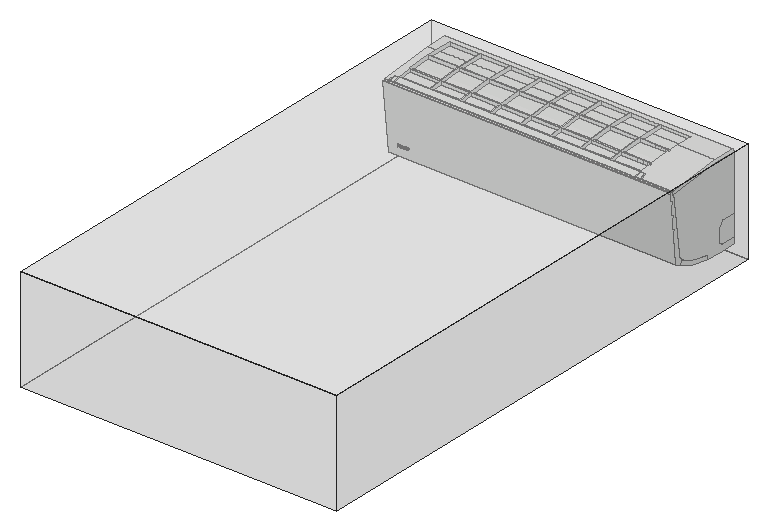
Revit family "outputfile", category 機械設備, Revit 2024
Family settings
  丸型コネクタ寸法 = 半径を使用
  パーツ タイプ = 標準
  OmniClass 番号 = 23.75.10.24.21.27.27
  OmniClass タイトル = Split System Air Conditioning Units
  作業面ベース = いいえ
  常に垂直 = はい
  ロード時にボイドで切り取り = いいえ
  注釈の向きを維持 = いいえ
  共有 = いいえ
  部屋計算ポイント = いいえ
Parameters (values of type "FTKF71CV1MW")
  Description = ""
  書き出し IFC クラス(タイプ) = "IfcUnitaryEquipmentType"
  定義済み IFC タイプ(タイプ) = "AIRCONDITIONINGUNIT"
  Cost = 0
  Type Comments = ""
  Keynote = ""
  Type Image = (empty or 0)
  Assembly Code = ""
  switch_frequency = yes
  lw_connection [instance] = if(Width = 730.0 mm, 85.0 mm, if(Width = 770.0 mm, 48.0 mm, 60.0 mm))  # 60.0 mm
  製造元 = "Daikin"
  モデル = "FTKF71CV1MW"
  r_Liquid Pipe Size = Liquid Pipe Size / 2  # 3.2 mm
  r_Gas Pipe Size = Gas Pipe Size / 2  # 6.35 mm
  r_Drain Pipe Size = Drain Pipe Size / 2  # 9.55 mm
  lw_powersupply [instance] = if(Width = 730.0 mm, if(or(Rear Right Connection_refrigerant, Bottom Right Connection_refrigerant), 65.0 mm, if(or(Rear Left Connection_refrigerant, Bottom Left Connection_refrigerant), 695.0 mm, 400.0 mm)), if(Width = 770.0 mm, if(or(Rear Right Connection_refrigerant, Bottom Right Connection_refrigerant), 68.0 mm, if(or(Rear Left Connection_refrigerant, Bottom Left Connection_refrigerant), 705.0 mm, 400.0 mm)), if(or(Rear Right Connection_refrigerant, Bottom Right Connection_refrigerant), 83.0 mm, if(or(Rear Left Connection_refrigerant, Bottom Left Connection_refrigerant), 928.0 mm, 400.0 mm))))  # 400.0 mm
  lw_liquidpipe [instance] = if(Width = 730.0 mm, if(or(Rear Right Connection_refrigerant, Bottom Right Connection_refrigerant), 0.0 mm, if(or(Rear Left Connection_refrigerant, Bottom Left Connection_refrigerant), 582.0 mm, 473.0 mm)), if(Width = 770.0 mm, if(or(Rear Right Connection_refrigerant, Bottom Right Connection_refrigerant), 0.0 mm, if(or(Rear Left Connection_refrigerant, Bottom Left Connection_refrigerant), 682.0 mm, 385.0 mm)), if(or(Rear Right Connection_refrigerant, Bottom Right Connection_refrigerant), 10.0 mm, if(or(Rear Left Connection_refrigerant, Bottom Left Connection_refrigerant), 858.0 mm, 435.0 mm))))  # 435.0 mm
  lw_gaspipe [instance] = if(Width = 730.0 mm, if(or(Rear Right Connection_refrigerant, Bottom Right Connection_refrigerant), 0.0 mm, if(or(Rear Left Connection_refrigerant, Bottom Left Connection_refrigerant), 576.0 mm, 428.0 mm)), if(Width = 770.0 mm, if(or(Rear Right Connection_refrigerant, Bottom Right Connection_refrigerant), 0.0 mm, if(or(Rear Left Connection_refrigerant, Bottom Left Connection_refrigerant), 675.0 mm, 335.0 mm)), if(or(Rear Right Connection_refrigerant, Bottom Right Connection_refrigerant), 0.0 mm, if(or(Rear Left Connection_refrigerant, Bottom Left Connection_refrigerant), 851.0 mm, 400.0 mm))))  # 400.0 mm
  lw_drainpipe [instance] = if(Width = 730.0 mm, if(or(Rear Right Connection_refrigerant, Bottom Right Connection_refrigerant), 0.0 mm, if(or(Rear Left Connection_refrigerant, Bottom Left Connection_refrigerant), 590.0 mm, 488.0 mm)), if(Width = 770.0 mm, if(or(Rear Right Connection_refrigerant, Bottom Right Connection_refrigerant), 0.0 mm, if(or(Rear Left Connection_refrigerant, Bottom Left Connection_refrigerant), 695.0 mm, 440.0 mm)), if(or(Rear Right Connection_refrigerant, Bottom Right Connection_refrigerant), 0.0 mm, if(or(Rear Left Connection_refrigerant, Bottom Left Connection_refrigerant), 888.0 mm, 475.0 mm))))  # 475.0 mm
  l_powersupply_length [instance] = if(Width = 730.0 mm, if(Right Connection_refrigerant, 400.0 mm, if(Left Connection_refrigerant, 330.0 mm, if(or(Bottom Left Connection_refrigerant, Bottom Right Connection_refrigerant), 57.0 mm, if(or(Rear Left Connection_refrigerant, Rear Right Connection_refrigerant), 15.0 mm, 50.0 mm)))), if(Width = 770.0 mm, if(Right Connection_refrigerant, 400.0 mm, if(Left Connection_refrigerant, 370.0 mm, if(or(Bottom Left Connection_refrigerant, Bottom Right Connection_refrigerant), 57.0 mm, if(or(Rear Left Connection_refrigerant, Rear Right Connection_refrigerant), 15.0 mm, 50.0 mm)))), if(Right Connection_refrigerant, 400.0 mm, if(Left Connection_refrigerant, 590.0 mm, if(or(Bottom Left Connection_refrigerant, Bottom Right Connection_refrigerant), 57.0 mm, if(or(Rear Left Connection_refrigerant, Rear Right Connection_refrigerant), 15.0 mm, 50.0 mm))))))  # 400.0 mm
  l_liquidpipe_length [instance] = if(Width = 730.0 mm, if(Right Connection_refrigerant, 558.0 mm, if(Left Connection_refrigerant, 172.0 mm, if(or(Bottom Left Connection_refrigerant, Bottom Right Connection_refrigerant), 48.0 mm, if(or(Rear Left Connection_refrigerant, Rear Right Connection_refrigerant), 30.0 mm, 40.0 mm)))), if(Width = 770.0 mm, if(Right Connection_refrigerant, 433.0 mm, if(Left Connection_refrigerant, 337.0 mm, if(or(Bottom Left Connection_refrigerant, Bottom Right Connection_refrigerant), 48.0 mm, if(or(Rear Left Connection_refrigerant, Rear Right Connection_refrigerant), 30.0 mm, 40.0 mm)))), if(Right Connection_refrigerant, 495.0 mm, if(Left Connection_refrigerant, 495.0 mm, if(or(Bottom Left Connection_refrigerant, Bottom Right Connection_refrigerant), 48.0 mm, if(or(Rear Left Connection_refrigerant, Rear Right Connection_refrigerant), 30.0 mm, 40.0 mm))))))  # 495.0 mm
  l_gaspipe_length [instance] = if(Width = 730.0 mm, if(Right Connection_refrigerant, 513.0 mm, if(Left Connection_refrigerant, 217.0 mm, if(or(Bottom Left Connection_refrigerant, Bottom Right Connection_refrigerant), 57.0 mm, if(or(Rear Left Connection_refrigerant, Rear Right Connection_refrigerant), 40.0 mm, 50.0 mm)))), if(Width = 770.0 mm, if(Right Connection_refrigerant, 383.0 mm, if(Left Connection_refrigerant, 387.0 mm, if(or(Bottom Left Connection_refrigerant, Bottom Right Connection_refrigerant), 57.0 mm, if(or(Rear Left Connection_refrigerant, Rear Right Connection_refrigerant), 40.0 mm, 50.0 mm)))), if(Right Connection_refrigerant, 460.0 mm, if(Left Connection_refrigerant, 530.0 mm, if(or(Bottom Left Connection_refrigerant, Bottom Right Connection_refrigerant), 57.0 mm, if(or(Rear Left Connection_refrigerant, Rear Right Connection_refrigerant), 40.0 mm, 50.0 mm))))))  # 460.0 mm
  l_drainpipe_length [instance] = if(Width = 730.0 mm, if(Right Connection_refrigerant, 573.0 mm, if(Left Connection_refrigerant, 157.0 mm, if(or(Bottom Left Connection_refrigerant, Bottom Right Connection_refrigerant), 35.0 mm, if(or(Rear Left Connection_refrigerant, Rear Right Connection_refrigerant), 15.0 mm, 20.0 mm)))), if(Width = 770.0 mm, if(Right Connection_refrigerant, 488.0 mm, if(Left Connection_refrigerant, 282.0 mm, if(or(Bottom Left Connection_refrigerant, Bottom Right Connection_refrigerant), 35.0 mm, if(or(Rear Left Connection_refrigerant, Rear Right Connection_refrigerant), 15.0 mm, 20.0 mm)))), if(Right Connection_refrigerant, 535.0 mm, if(Left Connection_refrigerant, 455.0 mm, if(or(Bottom Left Connection_refrigerant, Bottom Right Connection_refrigerant), 35.0 mm, if(or(Rear Left Connection_refrigerant, Rear Right Connection_refrigerant), 15.0 mm, 20.0 mm))))))  # 535.0 mm
  h*** = 0.0 mm  # constant formula
  connector_voltage = Voltage_50Hz  # 230 V
  connector_powerinput = [Power Input (Cooling)]  # 1.965 kW
  connector_phase = Phase_50Hz  # 1
  angle_vertical [instance] = if(or(Bottom Left Connection_refrigerant, Bottom Right Connection_refrigerant), 0.00°, 90.00°)  # 90.00°
  angle_horizontal [instance] = if(Right Connection_refrigerant, 90.00°, if(Left Connection_refrigerant, -90.00°, if(or(Rear Left Connection_refrigerant, Rear Right Connection_refrigerant), 180.00°, 0.00°)))  # 90.00°
  Width = 990.0 mm
  Voltage_comment_50Hz = "220 - 240"
  Voltage_50Hz = 230 V
  Version = "ver.1.0"
  Unit Type = "Wall Mounted"
  Unit Mass Weight = 13.00 kg
  Unit Designation [instance] = ""
  Uniclass2015Version = "Products v1.30"
  Uniclass2015Title = "Split coil room air conditioning units"
  Uniclass2015Code = "Pr_70_65_03_86"
  URL = ""
  Total Cooling Capacity [instance] = 0.000 kW
  Sound Pressure Level_M speed (dBA) = 41
  Sound Pressure Level_L speed (dBA) = 36
  Sound Pressure Level_H speed (dBA) = 43
  Sound Power Level_H speed (dB) = 0
  Series = "Single Split_Fan Coil Unit"
  Sensible Cooling Capacity [instance] = 0.000 kW
  Refrigerant Type = "R32"
  Power Input (Cooling) = 1.965 kW
  Phase_50Hz = 1
  Option Accessory 3 [instance] = ""
  Option Accessory 2 [instance] = ""
  Option Accessory 1 [instance] = ""
  Nominal Cooling Capacity = 7.030 kW
  Minimum Circuit Amps_50Hz = 11.1 A
  Minimum Airflow = 816.00 m³/h
  Median Airflow = 951.00 m³/h
  Maximum Fuse Amps_50Hz = 20.0 A
  Maximum Airflow = 1087.00 m³/h
  Material_Casing = DAIKIN_White_Casing_indoorunit
  Load Classification = HVAC
  Liquid Pipe Size = 6.4 mm
  Link_Nested Family [instance] = ""
  IfcVersion = ""
  IfcExportType = "AIRCONDITIONINGUNIT"
  IfcExportAs = "IfcUnitaryEquipmentType"
  Height = 297.0 mm
  Heat Exchanger Type = "Cross Fin Coil"
  Gas Pipe Size = 12.7 mm
  Frequency_50Hz = 50 Hz
  Fan Type = "Cross Flow Fan"
  Fan Drive = "-"
  FCU Tag No. [instance] = ""
  Drain Pipe Size = 19.1 mm
  Design Supply Airflow [instance] = 0.00 m³/h
  Depth = 273.0 mm
  既定の高さ = 0.0 mm
  Cooling Entering Wet Bulb Temperature [instance] = 0.00 °C
  Cooling Entering Dry Bulb Temperature [instance] = 0.00 °C
  Cooling Ambient Wet Bulb Temperature [instance] = 0.00 °C
  Cooling Ambient Dry Bulb Temperature [instance] = 0.00 °C
  Clearance visibility [instance] = yes
  Clearance Top = 30.0 mm
  Clearance Right = 50.0 mm
  Clearance Rear = 0.0 mm
  Clearance Left = 50.0 mm
  Clearance Front = 1500.0 mm
  Clearance Bottom = 30.0 mm
  Bottom Right Connection_refrigerant [instance] = no
  Bottom Left Connection_refrigerant [instance] = no
  Rear Right Connection_refrigerant [instance] = no
  Rear Left Connection_refrigerant [instance] = no
  Right Connection_refrigerant [instance] = yes
  Left Connection_refrigerant [instance] = no
Reference planes
  plane 1 "Back": y = 0
  plane 2: z = 0
  plane 3 "Center (Left/Right)": x = 0
  plane 4 "Center (Front/Back)": y = -136.5
  plane 5 "Front": y = -273
  plane 6 "Left": x = -495
  plane 7 "Right": x = 495
  plane 8 "Top": z = 0
  plane 9 "Bottom": z = -297
  plane 10 "Front panel_Left": x = -493
  plane 11 "Front panel_Right": x = 493
  plane 12: x = 359
  plane 13: x = 354
  plane 14: x = -545
  plane 15: x = 545
  plane 16: y = 0
  plane 17: y = -213
  plane 18: z = 30
  plane 19: z = -327
  plane 20 "lw_Piping and Wiring intake": x = 435
  plane 21 "lw_gaspipe": x = 35
  plane 22 "lw_liquidpipe": x = 0
  plane 23 "lw_drainpipe": x = -40
  plane 24 "lh_drainpipe": z = -262
  plane 25 "lh_liquidpipe": z = -249
  plane 26 "lh_gaspipe": z = -240
  plane 27 "ld_drainpipe": y = -15
  plane 28 "ld_liquidpipe": y = -30
  plane 29 "ld_gaspipe": y = -40
  plane 30 "lw_powersupply": x = 95
  plane 31: y = -1773
Dimensions and locks
  equal spacing: plane 6 "Left", plane 3 "Center (Left/Right)", plane 7 "Right"
  "Width": plane 6 "Left" to plane 7 "Right"
  equal spacing: plane 5 "Front", plane 4 "Center (Front/Back)", plane 1 "Back"
  "Depth": plane 5 "Front" to plane 1 "Back"
  "Height": plane 8 "Top" to plane 9 "Bottom"
  locked: plane 10 "Front panel_Left" to plane 6 "Left" at 2
  locked: plane 7 "Right" to plane 11 "Front panel_Right" at 2
  locked: plane 7 "Right" to plane 12 at 136
  locked: plane 12 to plane 13 at 5
  "Clearance Rear": plane 16 to plane 1 "Back"
  "Clearance Top": plane 18 to plane 8 "Top"
  "Clearance Bottom": plane 9 "Bottom" to plane 19
  "lw_connection": plane 20 "lw_Piping and Wiring intake" to plane 7 "Right"
  "lw_gaspipe": plane 21 "lw_gaspipe" to plane 20 "lw_Piping and Wiring intake"
  "lw_liquidpipe": plane 22 "lw_liquidpipe" to plane 20 "lw_Piping and Wiring intake"
  "lw_drainpipe": plane 23 "lw_drainpipe" to plane 20 "lw_Piping and Wiring intake"
  locked: plane 24 "lh_drainpipe" to plane 9 "Bottom" at 35
  locked: plane 25 "lh_liquidpipe" to plane 9 "Bottom" at 48
  locked: plane 26 "lh_gaspipe" to plane 9 "Bottom" at 57
  locked: plane 27 "ld_drainpipe" to plane 1 "Back" at 15
  locked: plane 1 "Back" to plane 28 "ld_liquidpipe" at 30
  locked: plane 1 "Back" to plane 29 "ld_gaspipe" at 40
  "lw_powersupply": plane 30 "lw_powersupply" to plane 7 "Right"
  "Clearance Left": plane 14 to plane 6 "Left"
  "Clearance Right": plane 7 "Right" to plane 15
  "Clearance Front": plane 5 "Front" to plane 31
  aligned and locked: level to plane 2
  aligned and locked: plane 16 to nested 1
  aligned and locked: nested 1 to plane 14
  aligned and locked: nested 1 to plane 15
  aligned and locked: plane 19 to nested 1
  aligned and locked: plane 18 to nested 1
  aligned and locked: plane 21 "lw_gaspipe" to nested 2
  aligned and locked: nested 2 to plane 29 "ld_gaspipe"
  aligned and locked: plane 22 "lw_liquidpipe" to nested 3
  aligned and locked: nested 3 to plane 28 "ld_liquidpipe"
  aligned and locked: plane 23 "lw_drainpipe" to nested 4
  aligned and locked: nested 4 to plane 27 "ld_drainpipe"
  aligned and locked: nested 5 to plane 27 "ld_drainpipe"
  aligned and locked: plane 30 "lw_powersupply" to nested 5
  aligned and locked: level to plane 8 "Top"
  aligned and locked: nested 1 to plane 31
Nested families
  nested 1: "daikin_clearancespace" at (0, -886.5, -148.381), show <- "Clearance visibility", visible <- "Clearance visibility", Link_Nested Family <- "Link_Nested Family", type "daikin_clearancespace"
    with width 1090.0 mm, show yes, height 357.0 mm, depth 1773.0 mm, Link_Nested Family ""
  nested 2: "daikin_connector_rotate3" at (35, -40, -240), angle_vertical <- "angle_vertical", angle_horizontal <- "angle_horizontal", length <- "l_gaspipe_length", radius <- "r_Gas Pipe Size", type "daikin_connector_rotate3"
    with show no, radius 6.35 mm, length 460.0 mm, angle_vertical 90.00°, angle_horizontal 90.00°
  nested 3: "daikin_connector_rotate3" at (0, -30, -249), angle_vertical <- "angle_vertical", angle_horizontal <- "angle_horizontal", radius <- "r_Liquid Pipe Size", length <- "l_liquidpipe_length", type "daikin_connector_rotate3"
    with show no, radius 3.2 mm, length 495.0 mm, angle_vertical 90.00°, angle_horizontal 90.00°
  nested 4: "daikin_connector_rotate3" at (-40, -15, -262), angle_vertical <- "angle_vertical", angle_horizontal <- "angle_horizontal", length <- "l_drainpipe_length", radius <- "r_Drain Pipe Size", type "daikin_connector_rotate3"
    with show no, radius 9.55 mm, length 535.0 mm, angle_vertical 90.00°, angle_horizontal 90.00°
  nested 5: "daikin_connector_rotate3" at (95, -15, -240), angle_vertical <- "angle_vertical", angle_horizontal <- "angle_horizontal", length <- "l_powersupply_length", type "daikin_connector_rotate3"
    with show no, radius 10.0 mm, length 400.0 mm, angle_vertical 90.00°, angle_horizontal 90.00°
  nested 6: "DAIKIN_indoorunit_FTKF-CV1MW" at (-31, 0, 0), type "FTKF--CV1MW"
    with switch_unit1_60 yes, switch_unit1_25 no, Width 990.0 mm, WALL HOLE-R 48.0 mm, Height 297.0 mm
Connectors
  piping at (495, -40, -240), diameter 12.7, driven by "r_Gas Pipe Size"
    settings: on nested 2, index 1, connector inside diameter 609.6 mm, connector length 0.0 mm, flow factor 0, pipe flow 0.00 m³/h, pressure drop 0.0 Pa, fitting loss kfactor 0, connector angle 0.00°, fixture units 0, engagement length 0.0 mm, angle of deflection 0.00°, flow configuration 1, flow direction 2, fitting loss method 0, system type 29, joint type 0, gender type 0, connector reference index -1, connector utility 0, adjustable connector no, is connector primary yes, connector description "Refrigerant Gas Piping"
  piping at (495, -30, -249), diameter 6.4, driven by "r_Liquid Pipe Size"
    settings: on nested 3, index 2, connector inside diameter 609.6 mm, connector length 0.0 mm, flow factor 0, pipe flow 0.00 m³/h, pressure drop 0.0 Pa, fitting loss kfactor 0, connector angle 0.00°, fixture units 0, engagement length 0.0 mm, angle of deflection 0.00°, flow configuration 1, flow direction 1, fitting loss method 0, system type 29, joint type 0, gender type 0, connector reference index -1, connector utility 0, adjustable connector no, is connector primary no, connector description "Refrigerant Liquid Piping"
  piping at (495, -15, -262), diameter 19.1, driven by "r_Drain Pipe Size"
    settings: on nested 4, index 3, connector inside diameter 609.6 mm, connector length 0.0 mm, flow factor 0, pipe flow 0.00 m³/h, pressure drop 0.0 Pa, fitting loss kfactor 0, connector angle 0.00°, fixture units 0, engagement length 0.0 mm, angle of deflection 0.00°, flow configuration 1, flow direction 2, fitting loss method 4, system type 16, joint type 0, gender type 0, connector reference index -1, connector utility 0, adjustable connector no, is connector primary no, connector description "Condensate Drain Piping"
  electrical at (495, -15, -240), driven by "Load Classification", driven by "connector_powerinput", driven by "connector_phase", driven by "connector_voltage"
    settings: on nested 5, index 4, voltage 230 V, apparent load 1965 VA, apparent load phase1 0 VA, apparent load phase2 0 VA, apparent load phase3 0 VA, power factor 1, load classification "HVAC", number of poles 1, system type 30, power factor state 1, is connector primary yes, connector utility no, sub classification motor no, connector description "Power Supply"
Definition of nested family "daikin_clearancespace"
  Parameters (values of type "daikin_clearancespace")
    Description = "daikin_clearancespace"
    width [instance] = 1823.963 mm
    show [instance] = yes
    material = none
    height [instance] = 1359.762 mm
    depth [instance] = 880.0 mm
    Default Elevation = 0.0 mm
    Link_Nested Family [instance] = ""
  Reference planes
    plane 1 "Center (Front/Back)": y = 0
    plane 2 "Center (Elevation)": z = -0.119
    plane 3 "Center (Left/Right)": x = 0
    plane 4: y = 440
    plane 5: y = -440
    plane 6 "Right": x = 911.982
    plane 7 "Left": x = -911.982
    plane 8 "Top": z = 679.762
    plane 9 "Bottom": z = -680
  Forms (mm)
    Extrusion 1, solid, material <- "material", visible <- "show"
      sketch origin (0, 0, 0) x (1, 0, 0) y (0, 1, 0)
        loop
          line (-911.982, 440) -> (-911.982, -440) -> (911.982, -440) -> (911.982, 440) -> (-911.982, 440)
      from -680 to 679.762
  Lines and regions (mm)
    symbolic lines, visible <- "show"
      curve 1: line (911.982, 440, 0) -> (-911.982, 440, 0)
      curve 2: line (-911.982, 440, 0) -> (-911.982, -440, 0)
      curve 3: line (-911.982, -440, 0) -> (911.982, -440, 0)
      curve 4: line (911.982, -440, 0) -> (911.982, 440, 0)
      curve 5: line (911.982, 0, 679.762) -> (-911.982, 0, 679.762)
      curve 6: line (911.982, 0, -680) -> (911.982, 0, 679.762)
      curve 7: line (-911.982, 0, -680) -> (911.982, 0, -680)
      curve 8: line (-911.982, 0, 679.762) -> (-911.982, 0, -680)
      curve 9: line (0, 440, 679.762) -> (0, -440, 679.762)
      curve 10: line (0, -440, 679.762) -> (0, -440, -680)
      curve 11: line (0, 440, -680) -> (0, 440, 679.762)
      curve 12: line (0, -440, -680) -> (0, 440, -680)
  Dimensions and locks
    "width": plane 7 "Left" to plane 6 "Right"
    "depth": plane 4 to plane 5
    "height": plane 8 "Top" to plane 9 "Bottom"
    equal spacing: plane 7 "Left", plane 3 "Center (Left/Right)", plane 6 "Right"
    equal spacing: plane 4, plane 1 "Center (Front/Back)", plane 5
    equal spacing: plane 8 "Top", plane 2 "Center (Elevation)", plane 9 "Bottom"
    aligned and locked: level to plane 2 "Center (Elevation)"
    aligned and locked: Extrusion 1 sketch curve to plane 4
    aligned and locked: plane 7 "Left" to Extrusion 1 sketch curve
    aligned and locked: Extrusion 1 sketch curve to plane 5
    aligned and locked: Extrusion 1 sketch curve to plane 6 "Right"
    aligned and locked: plane 8 "Top" to Extrusion 1
    aligned and locked: curve 1 to Extrusion 1
    aligned and locked: curve 2 to Extrusion 1
    aligned and locked: curve 3 to Extrusion 1
    aligned and locked: curve 4 to Extrusion 1
    aligned and locked: curve 5 to Extrusion 1
    aligned and locked: curve 6 to Extrusion 1
    aligned and locked: curve 7 to Extrusion 1
    aligned and locked: curve 8 to Extrusion 1
    aligned and locked: curve 9 to Extrusion 1
    aligned and locked: curve 10 to Extrusion 1
    aligned and locked: curve 11 to Extrusion 1
    aligned and locked: curve 12 to Extrusion 1
    aligned and locked: Extrusion 1 to plane 9 "Bottom"
Definition of nested family "DAIKIN_indoorunit_FTKF-CV1MW"
  Parameters (values of type "FTKF-AV14")
    switch_unit1_60 = Width = 990.0 mm  # no
    switch_unit1_35-50 = Width = 770.0 mm  # no
    switch_unit1_25 = Width = 730.0 mm  # yes
    Width = 730.0 mm
    WALL HOLE-R = if(Width = 730.0 mm, 79.0 mm, 48.0 mm)  # 79.0 mm
    Material_Casing = none
    Height = if(Width = 730.0 mm, 280.0 mm, if(Width = 770.0 mm, 288.0 mm, 297.0 mm))  # 280.0 mm
    Default Elevation = 0.0 mm
  Reference planes
    plane 1 "Center (Front/Back)": y = 0
    plane 2 "reference_level": z = 0
    plane 3 "Center (Left/Right)": x = 31
    plane 4: x = -334
    plane 5: x = 396
    plane 6: z = -280
  Forms (mm)
    Extrusion 1, solid, material <- "Material_Casing", visible <- "switch_unit1_25"
      sketch origin (31, 0, 0) x (0, 1, 0) y (0, 0, 1)
        loop
          line (-109.519, -8) -> (-2.596, -8) -> (-8.198, 0) -> (-109.608, 0)
          arc (-109.608, 0) -> (-157.226, -5.2) -> (-202.599, -20.555) r 220.623
          line (-202.599, -20.555) -> (-202.447, -29.25)
          arc (-202.447, -29.25) -> (-157.182, -13.38) -> (-109.519, -8) r 213.82
      from -365 to 365
    Extrusion 2, solid, material <- "Material_Casing", visible <- "switch_unit1_25"
      sketch origin (416, 1304.033, 1200.206) x (0, 1, 0) y (0, 0, 1)
        loop
          arc (-1496.513, -1423.164) -> (-1487.225, -1434.204) -> (-1476.373, -1443.711) r 95
          arc (-1476.373, -1443.711) -> (-1448.371, -1461.92) -> (-1418.191, -1476.232) r 250
          line (-1418.191, -1476.232) -> (-1418.191, -1465.318)
          arc (-1418.191, -1465.318) -> (-1445.052, -1452.134) -> (-1470.063, -1435.711) r 240
          arc (-1470.063, -1435.711) -> (-1477.766, -1429.186) -> (-1484.641, -1421.794) r 85
          line (-1484.641, -1421.794) -> (-1496.513, -1423.164)
      from -20 to -177
    Extrusion 3, solid, material <- "Material_Casing", visible <- "switch_unit1_25"
      sketch origin (31, 0, 0) x (0, 1, 0) y (0, 0, 1)
        loop
          line (-202.769, -10.816) -> (-211.618, -13.692)
          arc (-211.618, -13.692) -> (-212.628, -14.432) -> (-213, -15.629) r 2
          line (-213, -15.629) -> (-210.348, -167.5)
          arc (-210.348, -167.5) -> (-206.029, -195.818) -> (-193.465, -221.562) r 95
          line (-193.465, -221.562) -> (-181.653, -220.199)
          arc (-181.653, -220.199) -> (-195.31, -195.356) -> (-200.037, -167.403) r 85
          line (-200.037, -167.403) -> (-202.769, -10.816)
      from -365 to 365
    Extrusion 4, solid, material <- "Material_Casing", visible <- "switch_unit1_25"
      sketch origin (31, 0, 0) x (0, 1, 0) y (0, 0, 1)
        loop
          line (0, -280) -> (0, -11.707) -> (-2.596, -8) -> (-109.519, -8)
          arc (-109.519, -8) -> (-156.378, -13.198) -> (-200.959, -28.539) r 213.82
          line (-200.959, -28.539) -> (-198.537, -167.295)
          arc (-198.537, -167.295) -> (-189.766, -204.754) -> (-165.131, -234.305) r 83.5
          arc (-165.131, -234.305) -> (-139.841, -250.873) -> (-112.659, -264.109) r 238.5
          line (-112.659, -264.109) -> (-112.659, -276.338)
          arc (-112.659, -276.338) -> (-100.834, -279.079) -> (-88.731, -280) r 80
          line (-88.731, -280) -> (0, -280)
      from -365 to 365
    Extrusion 5, solid, material <- "Material_Casing", visible <- "switch_unit1_25"
      sketch origin (-354, 1304.033, 1200.206) x (0, 1, 0) y (0, 0, 1)
        loop
          arc (-1496.513, -1423.164) -> (-1487.225, -1434.204) -> (-1476.373, -1443.711) r 95
          arc (-1476.373, -1443.711) -> (-1448.371, -1461.92) -> (-1418.191, -1476.232) r 250
          line (-1418.191, -1476.232) -> (-1418.191, -1465.318)
          arc (-1418.191, -1465.318) -> (-1445.052, -1452.134) -> (-1470.063, -1435.711) r 240
          arc (-1470.063, -1435.711) -> (-1477.766, -1429.186) -> (-1484.641, -1421.794) r 85
          line (-1484.641, -1421.794) -> (-1496.513, -1423.164)
      from 72 to 20
    Extrusion 6, solid, material <- "Material_Casing", visible <- "switch_unit1_25"
      sketch origin (31, 7.782, 0.206) x (0, 1, 0) y (0, 0, 1)
        loop
          line (-188.39, -221.794) -> (-200.262, -223.164)
          arc (-200.262, -223.164) -> (-190.975, -234.204) -> (-180.122, -243.711) r 95
          arc (-180.122, -243.711) -> (-152.12, -261.92) -> (-121.941, -276.232) r 250
          line (-121.941, -276.232) -> (-121.941, -265.318)
          arc (-121.941, -265.318) -> (-148.801, -252.134) -> (-173.813, -235.711) r 240
          arc (-173.813, -235.711) -> (-181.515, -229.186) -> (-188.39, -221.794) r 85
      from 204 to -309
    Extrusion 7, void
      sketch origin (31, 0, -235) x (1, 0, 0) y (0, 1, 0)
        loop
          line (-324.633, -72.419) -> (-304, -73.5) -> (-234.9, -73.5) -> (-234.9, -24.5) -> (-324.633, -24.5) -> (-324.633, -72.419)
        loop
          line (-304, -74.9) -> (-324.633, -75.939) -> (-324.633, -139.819) -> (-304, -140.9) -> (-234.9, -140.9) -> (-234.9, -74.9) -> (-304, -74.9)
        loop
          line (-304, -142.3) -> (-324.633, -143.326) -> (-324.633, -182.209) -> (-300, -183.5) -> (-234.9, -183.5) -> (-234.9, -142.3) -> (-304, -142.3)
        loop
          line (-233.5, -142.3) -> (-233.5, -183.5) -> (-146.9, -183.5) -> (-146.9, -142.3) -> (-233.5, -142.3)
        loop
          line (-233.5, -140.9) -> (-146.9, -140.9) -> (-146.9, -74.9) -> (-233.5, -74.9) -> (-233.5, -140.9)
        loop
          line (-233.5, -73.5) -> (-146.9, -73.5) -> (-146.9, -24.5) -> (-233.5, -24.5) -> (-233.5, -73.5)
        loop
          line (-145.5, -73.5) -> (-74.9, -73.5) -> (-54.9, -72.452) -> (-54.9, -24.5) -> (-145.5, -24.5) -> (-145.5, -73.5)
        loop
          line (-145.5, -74.9) -> (-145.5, -140.9) -> (-74.9, -140.9) -> (-54.9, -139.852) -> (-54.9, -75.948) -> (-74.9, -74.9) -> (-145.5, -74.9)
        loop
          line (-145.5, -142.3) -> (-145.5, -183.5) -> (-74.9, -183.5) -> (-54.9, -182.452) -> (-54.9, -143.348) -> (-74.9, -142.3) -> (-145.5, -142.3)
        loop
          line (-53.5, -24.5) -> (-53.5, -72.452) -> (-33.5, -73.5) -> (36.5, -73.5) -> (36.5, -24.5) -> (-53.5, -24.5)
        loop
          line (-53.5, -75.948) -> (-53.5, -139.852) -> (-33.5, -140.9) -> (36.5, -140.9) -> (36.5, -74.9) -> (-33.5, -74.9) -> (-53.5, -75.948)
        loop
          line (-33.5, -142.3) -> (-53.5, -143.348) -> (-53.5, -182.452) -> (-33.5, -183.5) -> (36.5, -183.5) -> (36.5, -142.3) -> (-33.5, -142.3)
        loop
          line (37.9, -24.5) -> (37.9, -73.5) -> (124.9, -73.5) -> (124.9, -24.5) -> (37.9, -24.5)
        loop
          line (37.9, -74.9) -> (37.9, -140.9) -> (124.9, -140.9) -> (124.9, -74.9) -> (37.9, -74.9)
        loop
          line (37.9, -142.3) -> (37.9, -183.5) -> (124.9, -183.5) -> (124.9, -142.3) -> (37.9, -142.3)
        loop
          line (126.3, -24.5) -> (126.3, -73.5) -> (195.6, -73.5) -> (216, -72.431) -> (216, -24.5) -> (126.3, -24.5)
        loop
          line (126.3, -74.9) -> (126.3, -140.9) -> (198.5, -140.9) -> (216, -139.983) -> (216, -75.817) -> (198.5, -74.9) -> (126.3, -74.9)
        loop
          line (126.3, -142.3) -> (126.3, -183.5) -> (198.337, -183.5) -> (216, -182.623) -> (216, -143.217) -> (198.5, -142.3) -> (126.3, -142.3)
      from 201.638 to 250
    Extrusion 8, solid, material <- "Material_Casing"
      sketch origin (31, 0, 0) x (1, 0, 0) y (0, 0, 1)
        loop
          circle (286, -235) r 40
        loop
          circle (-317, -235) r 40
      from 0 to 5
    Extrusion 9, solid, material <- "Material_Casing", visible <- "switch_unit1_25"
      sketch origin (396, 1296.25, 1200) x (0, -1, 0) y (0, 0, 1)
        loop
          line (1326.25, -1413) -> (1296.25, -1413) -> (1296.25, -1473) -> (1326.25, -1473)
          arc (1326.25, -1473) -> (1340.393, -1467.142) -> (1346.25, -1453) r 20
          line (1346.25, -1453) -> (1346.25, -1433)
          arc (1346.25, -1433) -> (1340.393, -1418.858) -> (1326.25, -1413) r 20
      from 0 to 5
    Extrusion 10, solid, material <- "Material_Casing", visible <- "switch_unit1_25"
      sketch origin (-334, 1296.25, 1200) x (0, 1, 0) y (0, 0, 1)
        loop
          line (-1296.25, -1413) -> (-1326.25, -1413)
          arc (-1326.25, -1413) -> (-1340.393, -1418.858) -> (-1346.25, -1433) r 20
          line (-1346.25, -1433) -> (-1346.25, -1453)
          arc (-1346.25, -1453) -> (-1340.393, -1467.142) -> (-1326.25, -1473) r 20
          line (-1326.25, -1473) -> (-1296.25, -1473) -> (-1296.25, -1413)
      from 0 to 5
    Extrusion 11, solid, material <- "Material_Casing", visible <- "switch_unit1_25"
      sketch origin (11, 0, -285) x (-1, 0, 0) y (0, -1, 0)
        loop
          line (-279, 0) -> (-279, 30)
          arc (-279, 30) -> (-284.419, 43.081) -> (-297.5, 48.5) r 18.5
          line (-297.5, 48.5) -> (-320.5, 48.5)
          arc (-320.5, 48.5) -> (-333.581, 43.081) -> (-339, 30) r 18.5
          line (-339, 30) -> (-339, 0) -> (-279, 0)
        loop
          line (326, 0) -> (326, 30)
          arc (326, 30) -> (320.581, 43.081) -> (307.5, 48.5) r 18.5
          line (307.5, 48.5) -> (284.5, 48.5)
          arc (284.5, 48.5) -> (271.419, 43.081) -> (266, 30) r 18.5
          line (266, 30) -> (266, 0) -> (326, 0)
      from 10 to 5
    Extrusion 12, solid, material <- "Material_Casing", visible <- "switch_unit1_35-50"
      sketch origin (31, 0, 0) x (0, 1, 0) y (0, 0, 1)
        loop
          line (-5, 0) -> (-45.84, 0)
          arc (-45.84, 0) -> (-135.906, -3.965) -> (-225.275, -15.831) r 1024.823
          arc (-225.275, -15.831) -> (-224.639, -21.302) -> (-223.878, -26.758) r 241.564
          arc (-223.878, -26.758) -> (-135.207, -14.947) -> (-45.84, -11) r 1013.66
          line (-45.84, -11) -> (0, -11) -> (0, -9.02) -> (-5, 0)
      from -385 to 385
    Extrusion 13, solid, material <- "Material_Casing", visible <- "switch_unit1_35-50"
      sketch origin (31, 0, 0) x (0, 1, 0) y (0, 0, 1)
        loop
          arc (-226.673, -12.416) -> (-229.519, -12.929) -> (-232.363, -13.449) r 1025.776
          arc (-232.363, -13.449) -> (-233.586, -14.198) -> (-233.994, -15.573) r 2
          line (-233.994, -15.573) -> (-218.08, -217.408)
          arc (-218.08, -217.408) -> (-211.296, -237.286) -> (-195.807, -251.472) r 42.415
          line (-195.807, -251.472) -> (-186.556, -243.946)
          arc (-186.556, -243.946) -> (-193.981, -235.221) -> (-197.648, -224.366) r 30.386
          line (-197.648, -224.366) -> (-226.673, -12.416)
      from -385 to 385
    Extrusion 14, void
      sketch origin (33, 0, 0) x (1, 0, 0) y (0, 1, 0)
        loop
          line (-357.499, -23.5) -> (-357.499, -96.7) -> (-255.999, -96.7) -> (-255.999, -23.5) -> (-357.499, -23.5)
        loop
          line (-255.999, -99.1) -> (-357.499, -99.1) -> (-357.499, -170.1) -> (-255.999, -170.1) -> (-255.999, -99.1)
        loop
          line (-255.999, -171.7) -> (-357.499, -171.7) -> (-357.499, -201.7) -> (-255.999, -201.7) -> (-255.999, -171.7)
        loop
          line (-253.399, -23.5) -> (-253.399, -96.7) -> (-153.899, -96.7) -> (-153.899, -23.5) -> (-253.399, -23.5)
        loop
          line (-253.399, -99.1) -> (-253.399, -170.1) -> (-153.899, -170.1) -> (-153.899, -99.1) -> (-253.399, -99.1)
        loop
          line (-153.899, -171.7) -> (-253.399, -171.7) -> (-253.399, -201.7) -> (-153.899, -201.7) -> (-153.899, -171.7)
        loop
          line (-56.549, -23.5) -> (-151.299, -23.5) -> (-151.299, -96.7) -> (-56.549, -96.7) -> (-56.549, -23.5)
        loop
          line (-151.299, -99.1) -> (-151.299, -170.1) -> (-56.549, -170.1) -> (-56.549, -99.1) -> (-151.299, -99.1)
        loop
          line (-56.549, -171.7) -> (-151.299, -171.7) -> (-151.299, -201.7) -> (-56.549, -201.7) -> (-56.549, -171.7)
        loop
          line (50.301, -23.5) -> (-44.549, -23.5) -> (-44.549, -96.7) -> (50.301, -96.7) -> (50.301, -23.5)
        loop
          line (-44.549, -99.1) -> (-44.549, -170.1) -> (50.301, -170.1) -> (50.301, -99.1) -> (-44.549, -99.1)
        loop
          line (50.301, -171.7) -> (-44.549, -171.7) -> (-44.549, -201.7) -> (50.301, -201.7) -> (50.301, -171.7)
        loop
          line (52.901, -23.5) -> (52.901, -96.7) -> (152.401, -96.7) -> (152.401, -23.5) -> (52.901, -23.5)
        loop
          line (52.901, -99.1) -> (52.901, -170.1) -> (152.401, -170.1) -> (152.401, -99.1) -> (52.901, -99.1)
        loop
          line (52.901, -171.7) -> (52.901, -201.7) -> (152.401, -201.7) -> (152.401, -171.7) -> (52.901, -171.7)
        loop
          line (155.001, -23.5) -> (155.001, -96.7) -> (256.501, -96.7) -> (256.501, -23.5) -> (155.001, -23.5)
        loop
          line (155.001, -99.1) -> (155.001, -170.1) -> (217.501, -170.1) -> (229.501, -170.1) -> (241.501, -170.1) -> (256.501, -170.1) -> (256.501, -152.1) -> (256.501, -134.1) -> (256.501, -116.1) -> (256.501, -99.1) -> (241.501, -99.1) -> (229.501, -99.1) -> (217.501, -99.1) -> (155.001, -99.1)
        loop
          line (155.001, -171.7) -> (155.001, -201.7) -> (217.501, -201.7) -> (229.501, -201.7) -> (241.501, -201.7) -> (256.501, -201.7) -> (256.501, -171.7) -> (241.501, -171.7) -> (229.501, -171.7) -> (217.501, -171.7) -> (155.001, -171.7)
      from -40.013 to 47.268
    Extrusion 15, solid, material <- "Material_Casing", visible <- "switch_unit1_35-50"
      sketch origin (-356, 1308.25, 1200) x (0, 1, 0) y (0, 0, -1)
        loop
          line (-1407.524, 1473.254) -> (-1407.524, 1484.154)
          arc (-1407.524, 1484.154) -> (-1456.679, 1472.122) -> (-1503.106, 1451.987) r 299.52
          line (-1503.106, 1451.987) -> (-1494.032, 1444.604)
          arc (-1494.032, 1444.604) -> (-1451.915, 1462.363) -> (-1407.524, 1473.254) r 288.723
      from -2 to -49.5
    Extrusion 16, solid, material <- "Material_Casing", visible <- "switch_unit1_35-50"
      sketch origin (418, 1308.25, 1200) x (0, 1, 0) y (0, 0, 1)
        loop
          arc (-1407.524, -1473.254) -> (-1451.915, -1462.363) -> (-1494.032, -1444.604) r 288.723
          line (-1494.032, -1444.604) -> (-1503.106, -1451.987)
          arc (-1503.106, -1451.987) -> (-1456.679, -1472.122) -> (-1407.524, -1484.154) r 299.52
          line (-1407.524, -1484.154) -> (-1407.524, -1473.254)
      from -2 to -119.5
    Extrusion 17, solid, material <- "Material_Casing", visible <- "switch_unit1_35-50"
      sketch origin (418, 1308.25, 1200) x (0, 1, 0) y (0, 0, 1)
        loop
          line (-1407.524, -1484.154) -> (-1407.524, -1473.254)
          arc (-1407.524, -1473.254) -> (-1451.915, -1462.363) -> (-1494.032, -1444.604) r 288.723
          line (-1494.032, -1444.604) -> (-1503.106, -1451.987)
          arc (-1503.106, -1451.987) -> (-1456.679, -1472.122) -> (-1407.524, -1484.154) r 299.52
      from -119.5 to -724.5
    Extrusion 18, solid, material <- "Material_Casing", visible <- "switch_unit1_35-50"
      sketch origin (31, 0, -30) x (0, 1, 0) y (0, 0, 1)
        loop
          arc (-45.84, 19) -> (-135.218, 15.052) -> (-223.901, 3.238) r 1013.66
          line (-223.901, 3.238) -> (-196.855, -194.257)
          arc (-196.855, -194.257) -> (-192.985, -205.344) -> (-185.107, -214.052) r 29.589
          arc (-185.107, -214.052) -> (-142.926, -231.76) -> (-98.473, -242.568) r 288.081
          line (-98.473, -242.568) -> (-98.525, -254.271)
          arc (-98.525, -254.271) -> (-75.337, -257.066) -> (-52, -258) r 292.099
          line (-52, -258) -> (0, -258) -> (0, 19) -> (-45.84, 19)
      from -385 to 385
    Extrusion 19, solid, material <- "Material_Casing", visible <- "switch_unit1_35-50"
      sketch origin (416, 1296.25, 1200) x (0, -1, 0) y (0, 0, 1)
        loop
          line (1329.05, -1409.6) -> (1296.25, -1409.6) -> (1296.25, -1469.6) -> (1329.05, -1469.6)
          arc (1329.05, -1469.6) -> (1342.627, -1463.976) -> (1348.25, -1450.4) r 19.2
          line (1348.25, -1450.4) -> (1348.25, -1428.8)
          arc (1348.25, -1428.8) -> (1342.627, -1415.224) -> (1329.05, -1409.6) r 19.2
      from 0 to 5
    Extrusion 20, solid, material <- "Material_Casing", visible <- "switch_unit1_35-50"
      sketch origin (-349, 1296.25, 1200) x (0, -1, 0) y (0, 0, 1)
        loop
          line (1329.05, -1409.6) -> (1296.25, -1409.6) -> (1296.25, -1469.6) -> (1329.05, -1469.6)
          arc (1329.05, -1469.6) -> (1342.627, -1463.976) -> (1348.25, -1450.4) r 19.2
          line (1348.25, -1450.4) -> (1348.25, -1428.8)
          arc (1348.25, -1428.8) -> (1342.627, -1415.224) -> (1329.05, -1409.6) r 19.2
      from 0 to 5
    Extrusion 21, solid, material <- "Material_Casing", visible <- "switch_unit1_35-50"
      sketch origin (31, 200, -288) x (-1, 0, 0) y (0, -1, 0)
        loop
          line (369, 200) -> (369, 232)
          arc (369, 232) -> (363.142, 246.142) -> (349, 252) r 20
          line (349, 252) -> (329, 252)
          arc (329, 252) -> (314.858, 246.142) -> (309, 232) r 20
          line (309, 232) -> (309, 200) -> (369, 200)
        loop
          line (-369, 200) -> (-309, 200) -> (-309, 232)
          arc (-309, 232) -> (-314.858, 246.142) -> (-329, 252) r 20
          line (-329, 252) -> (-349, 252)
          arc (-349, 252) -> (-363.142, 246.142) -> (-369, 232) r 20
          line (-369, 232) -> (-369, 200)
      from 0 to 5
    Extrusion 22, void
      sketch origin (0, 0, 0) x (1, 0, 0) y (0, 1, 0)
        loop
          line (-308, -185.757) -> (-308, -202.769) -> (262, -202.769) -> (262, -185.757) -> (-308, -185.757)
      from -35 to 0
    Extrusion 23, solid, material <- "Material_Casing", visible <- "switch_unit1_25"
      sketch origin (0, 0, 0) x (1, 0, 0) y (0, 1, 0)
        loop
          line (-308, -185.757) -> (-308, -202.757) -> (-293, -202.757) -> (-293, -185.757) -> (-308, -185.757)
        loop
          line (262, -185.757) -> (247, -185.757) -> (247, -202.757) -> (262, -202.757) -> (262, -185.757)
      from -35 to 0
    Extrusion 24, solid, material <- "Material_Casing", visible <- "switch_unit1_25"
      sketch origin (0, 0, 0) x (1, 0, 0) y (0, 1, 0)
        loop
          line (-293, -190.757) -> (-293, -202.757) -> (247, -202.757) -> (247, -190.757) -> (203.171, -190.757) -> (203.171, -194.257)
          arc (203.171, -194.257) -> (202.732, -195.318) -> (201.671, -195.757) r 1.5
          line (201.671, -195.757) -> (180.129, -195.757)
          arc (180.129, -195.757) -> (179.068, -195.318) -> (178.629, -194.257) r 1.5
          line (178.629, -194.257) -> (178.629, -190.757) -> (46.421, -190.757) -> (46.421, -194.257)
          arc (46.421, -194.257) -> (45.982, -195.318) -> (44.921, -195.757) r 1.5
          line (44.921, -195.757) -> (23.379, -195.757)
          arc (23.379, -195.757) -> (22.318, -195.318) -> (21.879, -194.257) r 1.5
          line (21.879, -194.257) -> (21.879, -190.757) -> (-68.079, -190.757) -> (-68.079, -194.257)
          arc (-68.079, -194.257) -> (-68.518, -195.318) -> (-69.579, -195.757) r 1.5
          line (-69.579, -195.757) -> (-91.121, -195.757)
          arc (-91.121, -195.757) -> (-92.182, -195.318) -> (-92.621, -194.257) r 1.5
          line (-92.621, -194.257) -> (-92.621, -190.757) -> (-224.829, -190.757) -> (-224.829, -194.257)
          arc (-224.829, -194.257) -> (-225.268, -195.318) -> (-226.329, -195.757) r 1.5
          line (-226.329, -195.757) -> (-247.871, -195.757)
          arc (-247.871, -195.757) -> (-248.932, -195.318) -> (-249.371, -194.257) r 1.5
          line (-249.371, -194.257) -> (-249.371, -190.757) -> (-293, -190.757)
      from -35 to 0
    Extrusion 25, void
      sketch origin (31, 0, 0) x (0, 1, 0) y (0, 0, 1)
        loop
          line (-185.757, -13.903) -> (-185.757, 0) -> (-205.202, 0) -> (-205.202, -21.715)
          arc (-205.202, -21.715) -> (-195.563, -17.601) -> (-185.757, -13.903) r 245
        loop
          line (-205.202, -30.526) -> (-205.202, -35) -> (-185.757, -35) -> (-185.757, -22.404)
          arc (-185.757, -22.404) -> (-195.57, -26.249) -> (-205.202, -30.526) r 237
      from 231 to -339
    Extrusion 26, void
      sketch origin (0, 0, 0) x (1, 0, 0) y (0, 1, 0)
        loop
          line (-341.401, -199.9) -> (-342.412, -238.673) -> (306.373, -238.673)
          spline (306.373, -238.673) -> (306.288, -235.451) -> (306.202, -232.228) -> (306.116, -229.002) -> (306.031, -225.775) -> (305.945, -222.546) -> (305.859, -219.316) -> (305.774, -216.084) -> (305.688, -212.85) -> (305.602, -209.615) -> (305.517, -206.378) -> (305.431, -203.14) -> (305.345, -199.9)
          line (305.345, -199.9) -> (290.148, -199.9) -> (290.015, -203.69) -> (-326.04, -203.69) -> (-326.173, -199.9) -> (-341.401, -199.9)
      from 0 to -34.101
    Extrusion 27, solid, material <- "Material_Casing", visible <- "switch_unit1_35-50"
      sketch origin (0, 0, 0) x (1, 0, 0) y (0, 1, 0)
        loop
          line (-324.05, -226.673) -> (-324.05, -203.69) -> (-326.04, -203.69) -> (-326.173, -199.9) -> (-341.401, -199.9) -> (-342.099, -226.673) -> (-324.05, -226.673)
        loop
          line (305.344, -199.9) -> (290.148, -199.9) -> (290.015, -203.69) -> (288.001, -203.69) -> (288.001, -226.673) -> (306.055, -226.673) -> (305.344, -199.9)
      from 0 to -30
    Extrusion 28, solid, material <- "Material_Casing", visible <- "switch_unit1_35-50"
      sketch origin (0, 0, 0) x (1, 0, 0) y (0, 1, 0)
        loop
          line (288.001, -203.69) -> (-324.05, -203.69) -> (-324.05, -226.673) -> (288.001, -226.673) -> (288.001, -203.69)
      from 0 to -30
    Extrusion 29, void
      sketch origin (31, 0, 0) x (0, 1, 0) y (0, 0, 1)
        loop
          arc (-223.878, -26.758) -> (-224.639, -21.302) -> (-225.275, -15.831) r 241.564
          arc (-225.275, -15.831) -> (-212.6, -13.659) -> (-199.9, -11.646) r 1024.823
          line (-199.9, -11.646) -> (-199.9, 0) -> (-238.673, 0) -> (-238.673, -30) -> (-199.9, -30) -> (-199.9, -22.776)
          arc (-199.9, -22.776) -> (-211.901, -24.695) -> (-223.878, -26.758) r 1013.66
      from -385 to 385
    Extrusion 30, void
      sketch origin (31, 12, 0) x (0, 1, 0) y (0, 0, 1)
        loop
          arc (-201.887, -254.601) -> (-173.585, -267.35) -> (-144.115, -277.1) r 299.52
          line (-144.115, -277.1) -> (-122.392, -277.1)
          arc (-122.392, -277.1) -> (-157.174, -267.937) -> (-190.58, -254.601) r 294.52
          line (-190.58, -254.601) -> (-201.887, -254.601)
      from 303 to 335
    Extrusion 31, solid, material <- "Material_Casing", visible <- "switch_unit1_35-50"
      sketch origin (31, 12, 0) x (0, 1, 0) y (0, 0, 1)
        loop
          arc (-201.887, -254.601) -> (-173.585, -267.35) -> (-144.115, -277.1) r 299.52
          line (-144.115, -277.1) -> (-122.392, -277.1)
          arc (-122.392, -277.1) -> (-157.174, -267.937) -> (-190.58, -254.601) r 294.52
          line (-190.58, -254.601) -> (-201.887, -254.601)
      from 303 to 335
    Extrusion 32, void
      sketch origin (31, 12, 0) x (0, 1, 0) y (0, 0, 1)
        loop
          arc (-197.929, -256.6) -> (-189.925, -260.422) -> (-181.811, -264.005) r 299.52
          line (-181.811, -264.005) -> (-173.896, -264.005)
          arc (-173.896, -264.005) -> (-182.522, -260.437) -> (-191.03, -256.6) r 296.52
          line (-191.03, -256.6) -> (-197.929, -256.6)
      from 308.25 to 329.75
    Extrusion 33, solid, material <- "Material_Casing", visible <- "switch_unit1_35-50"
      sketch origin (31, 12, 0) x (0, 1, 0) y (0, 0, 1)
        loop
          line (-191.03, -256.6) -> (-197.929, -256.6)
          arc (-197.929, -256.6) -> (-189.925, -260.422) -> (-181.811, -264.005) r 299.52
          line (-181.811, -264.005) -> (-173.896, -264.005)
          arc (-173.896, -264.005) -> (-182.522, -260.437) -> (-191.03, -256.6) r 296.52
      from 308.25 to 329.75
    Extrusion 34, solid, material <- "Material_Casing", visible <- "switch_unit1_60"
      sketch origin (31, 0, 0) x (0, 1, 0) y (0, 0, 1)
        loop
          line (0, -9.411) -> (-5.217, 0) -> (-81.299, 0)
          arc (-81.299, 0) -> (-172.954, -4.661) -> (-263.664, -18.596) r 903.475
          line (-263.664, -18.596) -> (-262.227, -29.099)
          arc (-262.227, -29.099) -> (-172.204, -15.282) -> (-81.24, -10.748) r 889.035
          spline (-81.24, -10.748) -> (-74.468, -10.758) -> (-67.697, -10.768) -> (-60.927, -10.777) -> (-54.156, -10.787) -> (-47.386, -10.797) -> (-40.616, -10.807) -> (-33.846, -10.817) -> (-27.076, -10.827) -> (-20.307, -10.837) -> (-13.538, -10.846) -> (-6.769, -10.856) -> (0, -10.866)
          line (0, -10.866) -> (0, -9.411)
      from -495 to 495
    Extrusion 35, solid, material <- "Material_Casing", visible <- "switch_unit1_60"
      sketch origin (31, 0, 0) x (0, 1, 0) y (0, 0, 1)
        loop
          arc (-61.32, -11) -> (-162.288, -14.333) -> (-262.227, -29.099) r 889.035
          line (-262.227, -29.099) -> (-235.753, -222.656)
          arc (-235.753, -222.656) -> (-231.042, -237.333) -> (-221.593, -249.512) r 44.358
          arc (-221.593, -249.512) -> (-169.646, -270.267) -> (-114.65, -280.495) r 285.5
          line (-114.65, -280.495) -> (-114.65, -294.996)
          arc (-114.65, -294.996) -> (-88.244, -296.499) -> (-61.8, -297) r 697.94
          line (-61.8, -297) -> (0, -297) -> (0, -11) -> (-61.32, -11)
      from -495 to 495
    Extrusion 36, solid, material <- "Material_Casing", visible <- "switch_unit1_60"
      sketch origin (31, 0.704, 0) x (0, 1, 0) y (0, 0, 1)
        loop
          arc (-234.553, -259.361) -> (-177.189, -283.256) -> (-116.154, -294.93) r 302.598
          line (-116.154, -294.93) -> (-116.154, -281.229)
          arc (-116.154, -281.229) -> (-130.021, -279.659) -> (-143.795, -277.416) r 286.286
          arc (-143.795, -277.416) -> (-184.393, -266.65) -> (-222.978, -250.06) r 286.299
          line (-222.978, -250.06) -> (-234.553, -259.361)
      from -495 to -449
    Extrusion 37, solid, material <- "Material_Casing", visible <- "switch_unit1_60"
      sketch origin (86, 0.704, 0) x (0, 1, 0) y (0, 0, 1)
        loop
          arc (-234.553, -259.361) -> (-177.189, -283.256) -> (-116.154, -294.93) r 302.598
          line (-116.154, -294.93) -> (-116.154, -281.229)
          arc (-116.154, -281.229) -> (-130.021, -279.659) -> (-143.795, -277.416) r 286.286
          arc (-143.795, -277.416) -> (-184.393, -266.65) -> (-222.978, -250.06) r 286.299
          line (-222.978, -250.06) -> (-234.553, -259.361)
      from -498 to 288
    Extrusion 38, solid, material <- "Material_Casing", visible <- "switch_unit1_60"
      sketch origin (237.5, 0.704, 0) x (0, 1, 0) y (0, 0, 1)
        loop
          arc (-234.553, -259.361) -> (-177.189, -283.256) -> (-116.154, -294.93) r 302.598
          line (-116.154, -294.93) -> (-116.154, -281.229)
          arc (-116.154, -281.229) -> (-130.021, -279.659) -> (-143.795, -277.416) r 286.286
          arc (-143.795, -277.416) -> (-184.393, -266.65) -> (-222.978, -250.06) r 286.299
          line (-222.978, -250.06) -> (-234.553, -259.361)
      from 141.5 to 288.5
    Extrusion 39, solid, material <- "Material_Casing", visible <- "switch_unit1_60"
      sketch origin (31, 0, 0) x (0, 1, 0) y (0, 0, 1)
        loop
          arc (-222.666, -249.246) -> (-231.958, -237) -> (-236.602, -222.347) r 45.158
          line (-236.602, -222.347) -> (-264.436, -18.854)
          arc (-264.436, -18.854) -> (-268.128, -19.63) -> (-271.818, -20.421) r 900
          arc (-271.818, -20.421) -> (-272.685, -20.967) -> (-272.999, -21.943) r 1.5
          line (-272.999, -21.943) -> (-248.932, -250.575)
          arc (-248.932, -250.575) -> (-241.732, -254.782) -> (-234.424, -258.8) r 320
          line (-234.424, -258.8) -> (-222.666, -249.246)
      from -495 to 495
    Extrusion 40, solid, material <- "Material_Casing", visible <- "switch_unit1_60"
      sketch origin (31, 0, 0) x (0, 1, 0) y (0, 0, 1)
        loop
          arc (-41.8, -202) -> (-55.942, -207.858) -> (-61.8, -222) r 20
          line (-61.8, -222) -> (-61.8, -255.5)
          arc (-61.8, -255.5) -> (-55.942, -269.642) -> (-41.8, -275.5) r 20
          line (-41.8, -275.5) -> (0, -275.5) -> (0, -202) -> (-41.8, -202)
      from -495 to -490
    Extrusion 41, solid, material <- "Material_Casing", visible <- "switch_unit1_60"
      sketch origin (31, 0, 0) x (0, 1, 0) y (0, 0, -1)
        loop
          line (-41.8, 202) -> (0, 202) -> (0, 275.5) -> (-41.8, 275.5)
          arc (-41.8, 275.5) -> (-55.942, 269.642) -> (-61.8, 255.5) r 20
          line (-61.8, 255.5) -> (-61.8, 222)
          arc (-61.8, 222) -> (-55.942, 207.858) -> (-41.8, 202) r 20
      from -495 to -490
    Extrusion 42, solid, material <- "Material_Casing", visible <- "switch_unit1_60"
      sketch origin (0, 0, 0) x (1, 0, 0) y (0, 1, 0)
        loop
          line (-438, 0) -> (-438, -41.8)
          arc (-438, -41.8) -> (-432.142, -55.942) -> (-418, -61.8) r 20
          line (-418, -61.8) -> (-384.5, -61.8)
          arc (-384.5, -61.8) -> (-370.358, -55.942) -> (-364.5, -41.8) r 20
          line (-364.5, -41.8) -> (-364.5, 0) -> (-438, 0)
        loop
          line (426.5, 0) -> (426.5, -41.8)
          arc (426.5, -41.8) -> (432.358, -55.942) -> (446.5, -61.8) r 20
          line (446.5, -61.8) -> (480, -61.8)
          arc (480, -61.8) -> (494.142, -55.942) -> (500, -41.8) r 20
          line (500, -41.8) -> (500, 0) -> (426.5, 0)
      from -297 to -292
    Extrusion 43, void
      sketch origin (0, 0, 0) x (1, 0, 0) y (0, 1, 0)
        loop
          line (-434.5, -23.5) -> (-434.5, -112.5) -> (-330.5, -112.5) -> (-330.5, -23.5) -> (-434.5, -23.5)
        loop
          line (-434.5, -115.5) -> (-434.5, -192.7) -> (-330.5, -192.7) -> (-330.5, -115.5) -> (-434.5, -115.5)
        loop
          line (-434.5, -195.7) -> (-434.5, -236.8) -> (-330.5, -236.8) -> (-330.5, -195.7) -> (-434.5, -195.7)
        loop
          line (-328, -23.5) -> (-328, -112.5) -> (-227, -112.5) -> (-227, -23.5) -> (-328, -23.5)
        loop
          line (-328, -115.5) -> (-328, -192.7) -> (-227, -192.7) -> (-227, -115.5) -> (-328, -115.5)
        loop
          line (-328, -195.7) -> (-328, -236.8) -> (-227, -236.8) -> (-227, -195.7) -> (-328, -195.7)
        loop
          line (-224.5, -23.5) -> (-224.5, -112.5) -> (-123.5, -112.5) -> (-123.5, -23.5) -> (-224.5, -23.5)
        loop
          line (-224.5, -115.5) -> (-224.5, -192.7) -> (-123.5, -192.7) -> (-123.5, -115.5) -> (-224.5, -115.5)
        loop
          line (-224.5, -195.7) -> (-224.5, -236.8) -> (-123.5, -236.8) -> (-123.5, -195.7) -> (-224.5, -195.7)
        loop
          line (-121, -23.5) -> (-121, -112.5) -> (-20, -112.5) -> (-20, -23.5) -> (-121, -23.5)
        loop
          line (-121, -115.5) -> (-121, -192.7) -> (-20, -192.7) -> (-20, -115.5) -> (-121, -115.5)
        loop
          line (-121, -195.7) -> (-121, -236.8) -> (-20, -236.8) -> (-20, -195.7) -> (-121, -195.7)
        loop
          line (-17.5, -23.5) -> (-17.5, -112.5) -> (83.5, -112.5) -> (83.5, -23.5) -> (-17.5, -23.5)
        loop
          line (-17.5, -115.5) -> (-17.5, -192.7) -> (83.5, -192.7) -> (83.5, -115.5) -> (-17.5, -115.5)
        loop
          line (-17.5, -195.7) -> (-17.5, -236.8) -> (83.5, -236.8) -> (83.5, -195.7) -> (-17.5, -195.7)
        loop
          line (86, -23.5) -> (86, -112.5) -> (187, -112.5) -> (187, -23.5) -> (86, -23.5)
        loop
          line (86, -115.5) -> (86, -192.7) -> (187, -192.7) -> (187, -115.5) -> (86, -115.5)
        loop
          line (86, -195.7) -> (86, -236.8) -> (187, -236.8) -> (187, -195.7) -> (86, -195.7)
        loop
          line (189.5, -23.5) -> (189.5, -112.5) -> (290.5, -112.5) -> (290.5, -23.5) -> (189.5, -23.5)
        loop
          line (189.5, -115.5) -> (189.5, -192.7) -> (290.5, -192.7) -> (290.5, -115.5) -> (189.5, -115.5)
        loop
          line (189.5, -195.7) -> (189.5, -236.8) -> (290.5, -236.8) -> (290.5, -195.7) -> (189.5, -195.7)
        loop
          line (293, -23.5) -> (293, -112.5) -> (397, -112.5) -> (397, -23.5) -> (293, -23.5)
        loop
          line (293, -115.5) -> (293, -192.7) -> (350.7, -192.7) -> (367.5, -192.7) -> (384.75, -192.7) -> (397, -192.7) -> (397, -115.5) -> (384.75, -115.5) -> (367.5, -115.5) -> (350.7, -115.5) -> (293, -115.5)
        loop
          line (293, -195.7) -> (293, -236.8) -> (350.7, -236.8) -> (367.5, -236.8) -> (384.75, -236.8) -> (397, -236.8) -> (397, -195.7) -> (384.75, -195.7) -> (367.5, -195.7) -> (350.7, -195.7) -> (293, -195.7)
      from 30 to -30
    Extrusion 44, void
      sketch origin (0, 0, 0) x (1, 0, 0) y (0, 1, 0)
        loop
          line (411, -239) -> (-449.5, -239) -> (-449.5, -254) -> (-451.5, -254) -> (-451.5, -264.436) -> (415.5, -264.436) -> (415.5, -254) -> (411, -254) -> (411, -239)
      from 0 to -30
    Extrusion 45, solid, material <- "Material_Casing", visible <- "switch_unit1_60"
      sketch origin (0, 0, 0) x (1, 0, 0) y (0, 1, 0)
        loop
          line (-451.5, -265) -> (-435.5, -265) -> (-435.5, -239) -> (-449.5, -239) -> (-449.5, -254) -> (-451.5, -254) -> (-451.5, -265)
        loop
          line (398, -265) -> (415.5, -265) -> (415.5, -254) -> (411, -254) -> (411, -239) -> (398, -239) -> (398, -265)
      from 0 to -30
    Extrusion 46, solid, material <- "Material_Casing", visible <- "switch_unit1_60"
      sketch origin (0, 0, 0) x (1, 0, 0) y (0, 1, 0)
        loop
          line (-435.5, -239) -> (-435.5, -264.436) -> (397, -264.436) -> (397, -239) -> (-435.5, -239)
      from 0 to -30
    Extrusion 47, void
      sketch origin (31, 0, 0) x (0, 1, 0) y (0, 0, 1)
        loop
          line (-228.739, -12.112) -> (-228.739, 5) -> (-268.475, 5) -> (-268.475, -33.272) -> (-228.739, -33.272) -> (-228.739, -22.853)
          arc (-228.739, -22.853) -> (-245.513, -25.815) -> (-262.227, -29.099) r 889.035
          line (-262.227, -29.099) -> (-263.664, -18.596)
          arc (-263.664, -18.596) -> (-246.233, -15.182) -> (-228.739, -12.112) r 903.475
      from -495 to 495
    Extrusion 48, void
      sketch origin (31, 0.704, 0) x (0, 1, 0) y (0, 0, 1)
        loop
          arc (-230.546, -261.498) -> (-203.172, -274.143) -> (-174.675, -284) r 302.598
          line (-174.675, -284) -> (-154.527, -284)
          arc (-154.527, -284) -> (-187.624, -274.628) -> (-219.42, -261.498) r 297.598
          line (-219.42, -261.498) -> (-230.546, -261.498)
      from 413 to 445
    Extrusion 49, solid, material <- "Material_Casing", visible <- "switch_unit1_60"
      sketch origin (31, 0.704, 0) x (0, 1, 0) y (0, 0, 1)
        loop
          arc (-230.546, -261.498) -> (-203.172, -274.143) -> (-174.675, -284) r 302.598
          line (-174.675, -284) -> (-154.527, -284)
          arc (-154.527, -284) -> (-187.624, -274.628) -> (-219.42, -261.498) r 297.598
          line (-219.42, -261.498) -> (-230.546, -261.498)
      from 413 to 445
    Extrusion 50, void
      sketch origin (31, 0.704, 0) x (0, 1, 0) y (0, 0, 1)
        loop
          arc (-226.657, -263.5) -> (-218.833, -267.315) -> (-210.902, -270.904) r 302.598
          line (-210.902, -270.904) -> (-203.176, -270.904)
          arc (-203.176, -270.904) -> (-211.581, -267.329) -> (-219.872, -263.5) r 299.598
          line (-219.872, -263.5) -> (-226.657, -263.5)
      from 418.25 to 439.75
    Extrusion 51, solid, material <- "Material_Casing", visible <- "switch_unit1_60"
      sketch origin (31, 0.704, 0) x (0, 1, 0) y (0, 0, 1)
        loop
          arc (-226.657, -263.5) -> (-218.833, -267.315) -> (-210.902, -270.904) r 302.598
          line (-210.902, -270.904) -> (-203.176, -270.904)
          arc (-203.176, -270.904) -> (-211.581, -267.329) -> (-219.872, -263.5) r 299.598
          line (-219.872, -263.5) -> (-226.657, -263.5)
      from 418.25 to 439.75
    Extrusion 52, void
      sketch origin (31, 0, 0) x (0, 1, 0) y (0, 0, 1)
        loop
          arc (-185.09, -232.006) -> (-178.976, -238.044) -> (-172.34, -243.506) r 95
          arc (-172.34, -243.506) -> (-152.916, -256.693) -> (-132.34, -268) r 250
          line (-132.34, -268) -> (-120.445, -268)
          arc (-120.445, -268) -> (-145.718, -255.169) -> (-169.341, -239.505) r 245
          arc (-169.341, -239.505) -> (-173.845, -235.896) -> (-178.109, -232.006) r 90
          line (-178.109, -232.006) -> (-185.09, -232.006)
      from 304.5 to 337.5
    Extrusion 53, solid, material <- "Material_Casing", visible <- "switch_unit1_25"
      sketch origin (31, 0, 0) x (0, 1, 0) y (0, 0, 1)
        loop
          arc (-169.341, -239.505) -> (-173.845, -235.896) -> (-178.109, -232.006) r 90
          line (-178.109, -232.006) -> (-185.09, -232.006)
          arc (-185.09, -232.006) -> (-178.976, -238.044) -> (-172.34, -243.506) r 95
          arc (-172.34, -243.506) -> (-152.916, -256.693) -> (-132.34, -268) r 250
          line (-132.34, -268) -> (-120.445, -268)
          arc (-120.445, -268) -> (-145.718, -255.169) -> (-169.341, -239.505) r 245
      from 304.5 to 337.5
    Extrusion 54, void
      sketch origin (31, 0, 0) x (0, 1, 0) y (0, 0, 1)
        loop
          arc (-181.178, -235.993) -> (-176.874, -239.885) -> (-172.34, -243.506) r 95
          arc (-172.34, -243.506) -> (-169.962, -245.267) -> (-167.563, -247) r 250
          line (-167.563, -247) -> (-162.335, -247)
          arc (-162.335, -247) -> (-166.468, -244.095) -> (-170.54, -241.106) r 247
          arc (-170.54, -241.106) -> (-173.711, -238.618) -> (-176.77, -235.993) r 92
          line (-176.77, -235.993) -> (-181.178, -235.993)
      from 310.25 to 331.75
    Extrusion 55, solid, material <- "Material_Casing", visible <- "switch_unit1_25"
      sketch origin (31, 0, 0) x (0, 1, 0) y (0, 0, 1)
        loop
          line (-176.77, -235.993) -> (-181.178, -235.993)
          arc (-181.178, -235.993) -> (-176.874, -239.885) -> (-172.34, -243.506) r 95
          arc (-172.34, -243.506) -> (-169.962, -245.267) -> (-167.563, -247) r 250
          line (-167.563, -247) -> (-162.335, -247)
          arc (-162.335, -247) -> (-166.468, -244.095) -> (-170.54, -241.106) r 247
          arc (-170.54, -241.106) -> (-173.711, -238.618) -> (-176.77, -235.993) r 92
      from 310.25 to 331.75
  Cuts and joins
    Extrusion 7, Extrusion 22, Extrusion 25 cuts Extrusion 1
    Extrusion 14, Extrusion 26, Extrusion 29 cuts Extrusion 12
    Extrusion 25 cuts Extrusion 23
    Extrusion 25 cuts Extrusion 24
    Extrusion 29 cuts Extrusion 28
    Extrusion 29 cuts Extrusion 27
    Extrusion 30, Extrusion 32 cuts Extrusion 17
    Extrusion 30 cuts Extrusion 16
    Extrusion 32 cuts Extrusion 31
    Extrusion 43, Extrusion 44 cuts Extrusion 34
    Extrusion 47 cuts Extrusion 45
    Extrusion 48, Extrusion 50 cuts Extrusion 37
    Extrusion 48, Extrusion 50 cuts Extrusion 38
    Extrusion 50 cuts Extrusion 49
